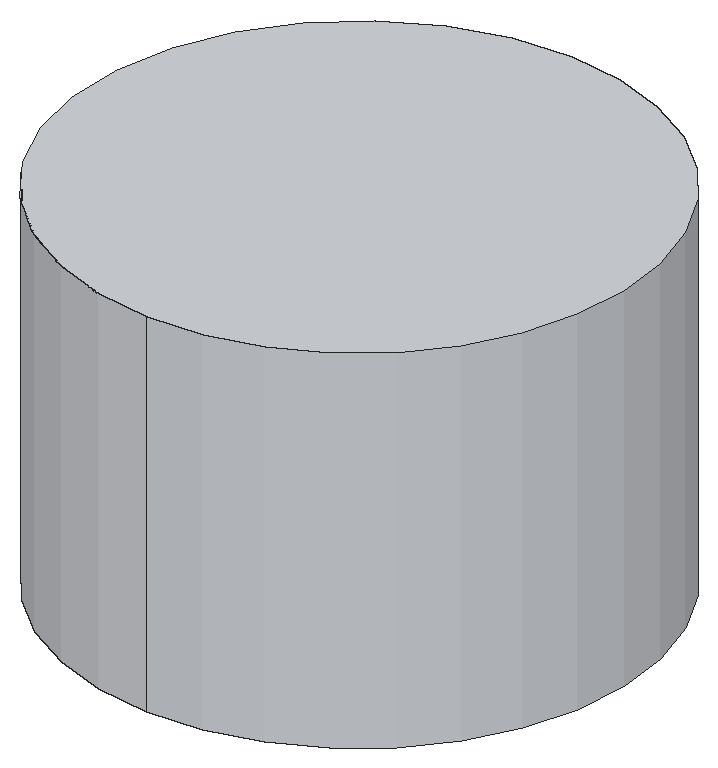
Revit family "puck", category Generic Models, Revit 2025
Family settings
  Can host rebar = No
  Round Connector Dimension = Use Diameter
  Part Type = Normal
  Work Plane-Based = No
  Always vertical = Yes
  Cut with Voids When Loaded = No
  Maintain Annotation Orientation = No
  Shared = No
  Room Calculation Point = No
Parameters (values of type "default")
  _diameter [instance] = 0' - 0 3/4"
  _angle [instance] = 90.00°
  Default Elevation = 0' - 0"
Reference planes (in)
  plane 1 "Center (Front/Back)": y = 0
  plane 2 "fake ref level": z = 0
  plane 3 "Center (Left/Right)": x = 0
  plane 4 "fake center (front/back)": y = 0
Forms (in)
  Extrusion 1, solid
    sketch origin (0, 0, 0) x (0, -1, 0) y (-1, 0, 0)
      loop
        circle (0, 0) r 0.375
    from 0 to 0.5
Lines and regions (in)
  reference lines
    curve 1: line (0, 0, 0) -> (0, 0, 24)
Dimensions and locks (in)
  "_diameter": diameter of Extrusion 1 sketch curve
  "_angle": angle plane 2 "fake ref level" to curve 1
  aligned and locked: plane 2 "fake ref level" to level
  aligned and locked: plane 4 "fake center (front/back)" to plane 1 "Center (Front/Back)"
  aligned and locked: plane 4 "fake center (front/back)" to curve 1
  aligned and locked: plane 2 "fake ref level" to curve 1
Automatic sketch dimensions
  plane 1 "Center (Front/Back)" to Extrusion 1 sketch curve = 0' - 0"
  Extrusion 1 sketch curve to plane 3 "Center (Left/Right)" = 0' - 0"
